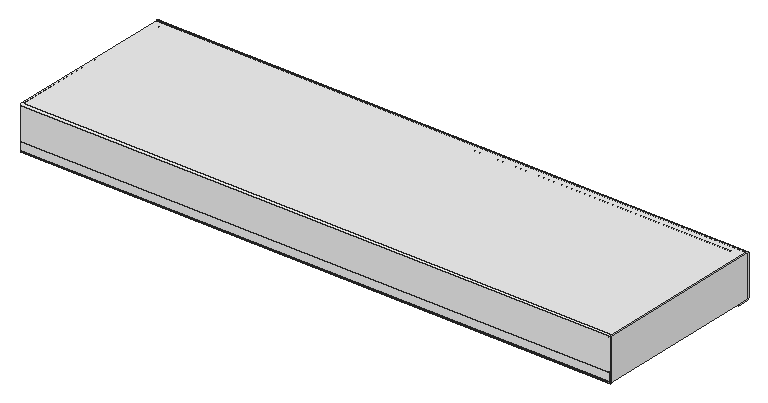
Revit family "LTL", category Lighting Fixtures, host Ceiling, Revit 2019
Family settings
  Host = Ceiling
  Round Connector Dimension = Use Diameter
  Part Type = Normal
  OmniClass Number = 23.80.70.11.14.11
  OmniClass Title = Downlights
  Always vertical = Yes
  Cut with Voids When Loaded = No
  Light Source = Yes
  Shared = No
  Room Calculation Point = No
Parameters (values of type "LTL24-LED840K016LUUNV")
  Width = 0' - 7"
  Wattage = 19 W
  built-in parameter 1150110 = 1 (stored number, unit not read)
  Voltage = 120 V
  URL = "https://www.viscor.com/en/products/ltl"
  built-in parameter 1114217 = 0.9 (stored number, unit not read)
  Tilt Angle = 90.00°
  built-in parameter 1150109 = 1 (stored number, unit not read)
  built-in parameter 1150134 = 12
  built-in parameter 1150113 = 1 (stored number, unit not read)
  Photometric Web File = "LTL24-LED840K016LUNV.IES"
  Model = "LTL"  # constant formula
  Manufacturer = "VISIONEERING by VISCOR"  # constant formula
  Lumens = 1691 lm
  built-in parameter 1150115 = 1 (stored number, unit not read)
  built-in parameter 1150105 = 134.57 (stored number, unit not read)
  built-in parameter 1150137 = (empty or 0)
  built-in parameter 1150139 = (empty or 0)
  Lens Finish = Polycarbonate - Viscor - Frosted Round
  Length = 2' - 0"
  Lamp Wattage = 19 VA
  built-in parameter 1150112 = 1 (stored number, unit not read)
  built-in parameter 1150114 = 1 (stored number, unit not read)
  Lamp = "LED"  # constant formula
  built-in parameter 1150132 = (empty or 0)
  built-in parameter 1150102 = (empty or 0)
  built-in parameter 1150138 = (empty or 0)
  built-in parameter 1150107 = 4000 (stored number, unit not read)
  built-in parameter 1150106 = 1.3457 (stored number, unit not read)
  Housing Finish = Metal - Viscor - White
  Emit from Line Length = Length  # 2' - 0"
  built-in parameter 1150104 = 8.2684 (stored number, unit not read)
  Dimming Lamp Color Temperature Shift = <None>
  Description = "LED Task Light luminaire"  # constant formula
  Color Filter = 16777215
  built-in parameter 1114218 = 1 (stored number, unit not read)
  built-in parameter 1150133 = 10 (stored number, unit not read)
  Assembly Code = "D5020200"
  Apparent Load = Lamp Wattage  # 19 VA
Types (3): name | Wattage | Photometric Web File | Lumens | built-in parameter 1150105 | Length | Lamp Wattage | built-in parameter 1150106 | Emit from Line Length | built-in parameter 1150104 | Apparent Load
  (no name) | 19 W | "LTL24-LED840K016LUNV.IES" | 1691 lm | 134.57 (stored number, unit not read) | 2' - 0" | 19 VA | 1.3457 (stored number, unit not read) | 2' - 0" | 8.2684 (stored number, unit not read) | 19 VA
  LTL48-LED840K030LUNV | 33 W | "LTL48-LED840K30LUNV.IES" | 3201 lm | 254.73 (stored number, unit not read) | 4' - 0" | 33 VA | 2.5473 (stored number, unit not read) | 4' - 0" | 9.0116 (stored number, unit not read) | 33 VA
  LTL24-LED840K016LUUNV | 19 W | "LTL24-LED840K016LUNV.IES" | 1691 lm | 134.57 (stored number, unit not read) | 2' - 0" | 19 VA | 1.3457 (stored number, unit not read) | 2' - 0" | 8.2684 (stored number, unit not read) | 19 VA
Reference planes (in)
  plane 1 "Light Source Axis (F/B)": y = 0
  plane 2 "Ceiling": z = 96
  plane 3 "Light Source Axis (L/R)": x = 0
  plane 4 "Light Source Elevation": z = 92
  plane 5: y = 3.5
  plane 6: y = -3.5
  plane 7: x = -12
  plane 8: x = 12
  plane 9: x = -11.969
  plane 10: x = 11.96875
Forms (in)
  Extrusion 1, solid, material "Metal - Viscor - White" <- "Housing Finish"
    sketch origin (0, 0, 0) x (0, 1, 0) y (0, 0, 1)
      loop
        line (3.431, 96) -> (-3.431, 96)
        arc (-3.431, 96) -> (-3.47979, 95.97979) -> (-3.5, 95.931) r 0.069
        line (-3.5, 95.931) -> (-3.5, 94.25) -> (-3.46875, 94.25) -> (-3.46875, 95.931)
        arc (-3.46875, 95.931) -> (-3.45769, 95.95769) -> (-3.431, 95.96875) r 0.03775
        line (-3.431, 95.96875) -> (3.431, 95.96875)
        arc (3.431, 95.96875) -> (3.45769, 95.95769) -> (3.46875, 95.931) r 0.03775
        line (3.46875, 95.931) -> (3.46875, 94.288)
        arc (3.46875, 94.288) -> (3.45769, 94.26131) -> (3.431, 94.25025) r 0.03775
        line (3.431, 94.25025) -> (3.031, 94.25025) -> (3.031, 94.219) -> (3.431, 94.219)
        arc (3.431, 94.219) -> (3.47979, 94.23921) -> (3.5, 94.288) r 0.069
        line (3.5, 94.288) -> (3.5, 95.931)
        arc (3.5, 95.931) -> (3.47979, 95.97979) -> (3.431, 96) r 0.069
    from -12 to 12
  Extrusion 2, solid, material "Metal - Viscor - White" <- "Housing Finish"
    sketch origin (0, 0, 0) x (0, 1, 0) y (0, 0, 1)
      loop
        arc (-3.431, 95.96875) -> (-3.45769, 95.95769) -> (-3.46875, 95.931) r 0.03775
        line (-3.46875, 95.931) -> (-3.46875, 94.26136) -> (3.46875, 94.261) -> (3.46875, 95.931)
        arc (3.46875, 95.931) -> (3.45769, 95.95769) -> (3.431, 95.96875) r 0.03775
        line (3.431, 95.96875) -> (-3.431, 95.96875)
    from 11.96875 to 12
  Extrusion 3, solid, material "Metal - Viscor - White" <- "Housing Finish"
    sketch origin (0, 0, 0) x (0, 1, 0) y (0, 0, -1)
      loop
        line (-3.431, -95.96875) -> (3.431, -95.96875)
        arc (3.431, -95.96875) -> (3.45769, -95.95769) -> (3.46875, -95.931) r 0.03775
        line (3.46875, -95.931) -> (3.46875, -94.261) -> (-3.46875, -94.26136) -> (-3.46875, -95.931)
        arc (-3.46875, -95.931) -> (-3.45769, -95.95769) -> (-3.431, -95.96875) r 0.03775
    from 11.969 to 12
  Extrusion 4, solid, material "Metal - Viscor - White" <- "Housing Finish"
    sketch origin (0, 0, 0) x (0, 1, 0) y (0, 0, 1)
      loop
        line (3.439, 94.407) -> (3.439, 95.776)
        arc (3.439, 95.776) -> (3.41879, 95.82479) -> (3.37, 95.845) r 0.069
        line (3.37, 95.845) -> (-0.867, 95.845)
        arc (-0.867, 95.845) -> (-0.91579, 95.82479) -> (-0.936, 95.776) r 0.069
        line (-0.936, 95.776) -> (-0.936, 94.334)
        arc (-0.936, 94.334) -> (-0.91579, 94.28521) -> (-0.867, 94.265) r 0.069
        line (-0.867, 94.265) -> (-0.736, 94.265) -> (-0.736, 94.29625) -> (-0.867, 94.29625)
        arc (-0.867, 94.29625) -> (-0.89369, 94.30731) -> (-0.90475, 94.334) r 0.03775
        line (-0.90475, 94.334) -> (-0.90475, 95.776)
        arc (-0.90475, 95.776) -> (-0.89369, 95.80269) -> (-0.867, 95.81375) r 0.03775
        line (-0.867, 95.81375) -> (3.37, 95.81375)
        arc (3.37, 95.81375) -> (3.39669, 95.80269) -> (3.40775, 95.776) r 0.03775
        line (3.40775, 95.776) -> (3.40775, 94.407) -> (3.439, 94.407)
    from -11.969 to 11.96875
  Extrusion 5, solid, material "Metal - Viscor - White" <- "Housing Finish"
    sketch origin (0, 0, 0) x (0, 1, 0) y (0, 0, 1)
      loop
        line (-0.72448, 94.3055) -> (-0.80008, 94.43644) -> (-0.82714, 94.42082) -> (-0.73963, 94.26925) -> (-3.461, 94.26925)
        arc (-3.461, 94.26925) -> (-3.48274, 94.27825) -> (-3.49175, 94.3) r 0.03075
        line (-3.49175, 94.3) -> (-3.49175, 94.644) -> (-3.523, 94.644) -> (-3.523, 94.3)
        arc (-3.523, 94.3) -> (-3.50484, 94.25616) -> (-3.461, 94.238) r 0.062
        line (-3.461, 94.238) -> (-0.398, 94.238)
        arc (-0.398, 94.238) -> (-0.374, 94.262) -> (-0.398, 94.286) r 0.024
        line (-0.398, 94.286) -> (-0.6907, 94.286)
        arc (-0.6907, 94.286) -> (-0.7102, 94.29122) -> (-0.72448, 94.3055) r 0.039
    from -11.969 to 11.96875
  Extrusion 6, solid, material "Polycarbonate - Viscor - Frosted Round" <- "Lens Finish"
    sketch origin (0, 0, 0) x (0, 1, 0) y (0, 0, 1)
      loop
        line (3.17225, 94.26101) -> (3.17225, 94.35679) -> (-0.57775, 94.35679) -> (-0.57775, 94.26101) -> (3.17225, 94.26101)
    from -11.969 to 11.96875
Dimensions and locks (in)
  equal spacing: host sketch curve, plane 3 "Light Source Axis (L/R)", host sketch curve
  equal spacing: host sketch curve, plane 1 "Light Source Axis (F/B)", host sketch curve
  host sketch curve to host sketch curve = 10' - 0"  (x2)
  equal spacing: plane 5, plane 1 "Light Source Axis (F/B)", plane 6
  "Width": plane 5 to plane 6
  equal spacing: plane 7, plane 3 "Light Source Axis (L/R)", plane 8
  "Length": plane 7 to plane 8
  locked: plane 10 to plane 8 at 0.03125
  locked: plane 7 to plane 9 at 0.031
  Extrusion 5 to plane 1 "Light Source Axis (F/B)" = 0' - 3.49175"
  plane 1 "Light Source Axis (F/B)" to Extrusion 6 = 0' - 3.17225"
  aligned and locked: plane 3 "Light Source Axis (L/R)" to imposter light
  aligned and locked: plane 1 "Light Source Axis (F/B)" to imposter light
  aligned and locked: plane 4 "Light Source Elevation" to imposter light
  aligned and locked: Extrusion 1 to plane 7
  aligned and locked: plane 8 to Extrusion 1
  aligned and locked: plane 8 to Extrusion 2
  aligned and locked: Extrusion 2 to plane 10
  aligned and locked: Extrusion 3 to plane 7
  aligned and locked: plane 9 to Extrusion 3
  aligned and locked: Extrusion 4 to plane 9
  aligned and locked: plane 10 to Extrusion 4
  aligned and locked: Extrusion 5 to plane 9
  aligned and locked: plane 10 to Extrusion 5
  aligned and locked: Extrusion 6 to plane 9
  aligned and locked: plane 10 to Extrusion 6
Automatic sketch dimensions
  Extrusion 1 sketch curve to Extrusion 1 sketch curve = 0' - 0"  (x6)
  Extrusion 1 sketch curve to plane 6 = 0' - 0"
  Extrusion 1 sketch curve to plane 2 "Ceiling" = 0' - 0"
  Extrusion 1 sketch curve to plane 5 = 0' - 0"
  plane 6 to Extrusion 1 sketch curve = 0' - 0 1/32"
  Extrusion 1 sketch curve to Extrusion 1 sketch curve = 0' - 0.03775"  (x2)
  Extrusion 1 sketch curve to Extrusion 1 sketch curve = 0' - 0.43775"
  Extrusion 1 sketch curve to plane 5 = 0' - 0.069"
  Extrusion 1 sketch curve to Extrusion 1 sketch curve = 0' - 1.643"
  Extrusion 1 sketch curve to Extrusion 1 sketch curve = 0' - 1.681"
  plane 6 to Extrusion 2 sketch curve = 0' - 0 1/32"
  Extrusion 2 sketch curve to Extrusion 2 sketch curve = 0' - 0.03775"
  Extrusion 2 sketch curve to plane 5 = 0' - 0.069"
  Extrusion 2 sketch curve to plane 5 = 0' - 0 1/32"
  Extrusion 2 sketch curve to plane 2 "Ceiling" = 0' - 1.739"
  Extrusion 2 sketch curve to plane 2 "Ceiling" = 0' - 1.73864"
  Extrusion 2 sketch curve to plane 2 "Ceiling" = 0' - 0.069"
  plane 6 to Extrusion 3 sketch curve = 0' - 0 1/32"
  Extrusion 3 sketch curve to Extrusion 3 sketch curve = 0' - 0.03775"
  Extrusion 3 sketch curve to plane 5 = 0' - 0.069"
  Extrusion 3 sketch curve to plane 5 = 0' - 0 1/32"
  Extrusion 3 sketch curve to plane 2 "Ceiling" = 0' - 0 1/32"
  Extrusion 3 sketch curve to Extrusion 3 sketch curve = 0' - 1.66964"
  Extrusion 3 sketch curve to Extrusion 3 sketch curve = 0' - 1.67"
  Extrusion 4 sketch curve to Extrusion 4 sketch curve = 0' - 0"  (x6)
  plane 1 "Light Source Axis (F/B)" to Extrusion 4 sketch curve = 0' - 0.936"
  Extrusion 4 sketch curve to Extrusion 4 sketch curve = 0' - 0 1/32"
  Extrusion 4 sketch curve to Extrusion 4 sketch curve = 0' - 0.03775"  (x2)
  Extrusion 4 sketch curve to plane 5 = 0' - 0.13"
  Extrusion 4 sketch curve to plane 5 = 0' - 0.09225"
  Extrusion 4 sketch curve to plane 2 "Ceiling" = 0' - 1.735"
  Extrusion 4 sketch curve to plane 2 "Ceiling" = 0' - 1.593"
  Extrusion 4 sketch curve to plane 2 "Ceiling" = 0' - 0.224"
  Extrusion 4 sketch curve to Extrusion 4 sketch curve = 0' - 0.131"
  Extrusion 5 sketch curve to Extrusion 5 sketch curve = 0' - 0"  (x2)
  Extrusion 5 sketch curve to plane 6 = 0' - 0.023"
  plane 6 to Extrusion 5 sketch curve = 0' - 0.00825"
  Extrusion 5 sketch curve to Extrusion 5 sketch curve = 0' - 0.03075"
  plane 1 "Light Source Axis (F/B)" to Extrusion 5 sketch curve = 0' - 0.72448"
  Extrusion 5 sketch curve to Extrusion 5 sketch curve = 0' - 0.03377"
  Extrusion 5 sketch curve to Extrusion 5 sketch curve = 0' - 0.2927"
  Extrusion 5 sketch curve to plane 2 "Ceiling" = 0' - 1.762"
  Extrusion 5 sketch curve to Extrusion 5 sketch curve = 0' - 0.00725"
  Extrusion 5 sketch curve to Extrusion 5 sketch curve = 0' - 0.0195"
  Extrusion 5 sketch curve to Extrusion 5 sketch curve = 0' - 0.344"
  Extrusion 5 sketch curve to Extrusion 5 sketch curve = 0' - 0.10267"
  Extrusion 5 sketch curve to Extrusion 5 sketch curve = 0' - 0.02706"
  Extrusion 5 sketch curve to Extrusion 5 sketch curve = 0' - 0 1/64"
  plane 1 "Light Source Axis (F/B)" to Extrusion 6 sketch curve = 0' - 0.57775"
  Extrusion 6 sketch curve to plane 5 = 0' - 0.32775"
  Extrusion 6 sketch curve to plane 2 "Ceiling" = 0' - 1.73899"
  Extrusion 6 sketch curve to Extrusion 6 sketch curve = 0' - 0.09577"
Connectors (in)
  electrical at (0, 0, 92), driven by "Voltage", driven by "Apparent Load"
    settings: index 1, voltage 120 V, apparent load 0 VA, apparent load phase1 19 VA, apparent load phase2 0 VA, apparent load phase3 0 VA, power factor 1, load classification "Other", number of poles 1, system type 31, power factor state 1, is connector primary yes, connector utility no, sub classification motor no, connector description ""
